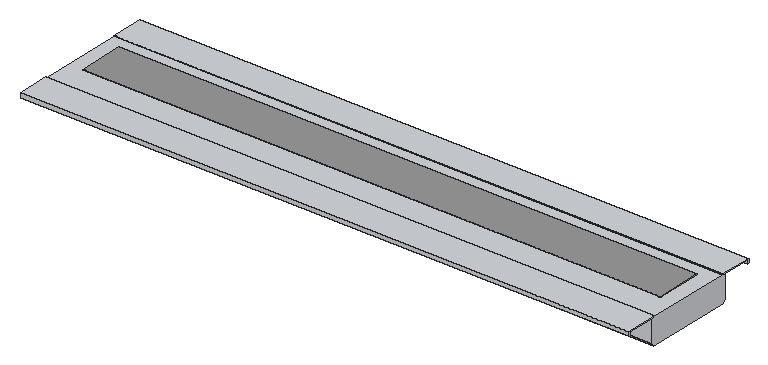
Revit family "2021684 Sylvania Lighting Fixture OPTIX R 1200 ASYMMETRIC 3K SSC WHITE", category Lighting Fixtures, host Face, Revit 2018
Family settings
  Host = Face
  Round Connector Dimension = Use Diameter
  Part Type = Normal
  OmniClass Number = 23.80.70.00
  OmniClass Title = Lighting
  Cut with Voids When Loaded = No
  Light Source = Yes
  Shared = No
  Room Calculation Point = No
Parameters (values of type "2021684 OPTIX R 1200 ASYM 3K SSC WHT")
  spacer height = 8 mm
  spacer centres = 1000 mm
  Width = 293 mm
  Weight = "n/a"
  Wattage Comments = ""
  Wattage = 9.2903 W
  WarrantyStartDate [instance] = "n/a"
  WarrantyGuarantorParts = "n/a"
  WarrantyDurationUnit = "n/a"
  WarrantyDurationParts = ""
  WarrantyDescription = "http://www.sylvania-lighting.com"
  built-in parameter 1150110 = 1 (stored number, unit not read)
  Voltage = 0 V
  URL = "1"
  TypeName = "OPTIX R 1200 ASYMMETRIC 3K SSC WHITE"
  Type Image = <None>
  Type Comments = "n/a"
  built-in parameter 1114217 = 1 (stored number, unit not read)
  Tilt Angle = 90.00°
  built-in parameter 1150109 = 1 (stored number, unit not read)
  built-in parameter 1150134 = 3
  built-in parameter 1150113 = 1 (stored number, unit not read)
  SerialNumber [instance] = "n/a"
  Photometric Web File = "2021684.ies"
  Material_3_FEILO = none
  PowerFactor = 0
  PowerConsumption = "Lighting"
  NominalLength = 293 mm
  NominalHeight = 0 mm
  NominalDepth = 0 mm
  Name = "OPTIX R 1200 ASYMMETRIC 3K SSC WHITE"
  ModelReference = Name  # "OPTIX R 1200 ASYMMETRIC 3K SSC WHITE"
  ModelNumber = "2021684"
  Model = Name  # "OPTIX R 1200 ASYMMETRIC 3K SSC WHITE"
  Material = "Feilo Sylvania"
  ManufacturerName = "109 lm/W"
  Manufacturer = ""
  LuminousEfficacy = ""
  built-in parameter 1150105 = 109.82 (stored number, unit not read)
  Lumens = 1380 lm
  LuminaireType = "0"
  built-in parameter 1150115 = 1 (stored number, unit not read)
  LightOutputRatio = "LED"
  built-in parameter 1150137 = (empty or 0)
  built-in parameter 1150139 = (empty or 0)
  Length = 1196 mm
  LampsType = Lamp  # "n/a"
  LampNominalLuminous = "3000 K"
  LampMacAdamStep = "80"
  LampColourTemperature = "LED"
  LampColourRenderingIndex = "16500"
  built-in parameter 1150112 = 1 (stored number, unit not read)
  built-in parameter 1150114 = 1 (stored number, unit not read)
  Lamp = "n/a"
  Keynote = "n/a"
  InstallationDate [instance] = "n/a"
  InputVoltage = "0"
  InputNominalFrequency = "3000"
  built-in parameter 1150132 = (empty or 0)
  built-in parameter 1150102 = (empty or 0)
  built-in parameter 1150107 = 3200 (stored number, unit not read)
  built-in parameter 1150138 = (empty or 0)
  IngressProtection = "IfcLightFixtureType"
  ImpactProtectionIndex = "IfcLightFixtureType"
  built-in parameter 1150106 = 1.0982 (stored number, unit not read)
  IfcExportType = "IfcLightFixtureType"
  IfcExportAs = "Class I"
  Height = 52 mm
  ExpectedLife = 50000
  Emit from Circle Diameter = 609.6 mm
  Emit Shape Visible in Rendering = no
  ElectricShockClassification = "109"
  built-in parameter 1150104 = 13.8 (stored number, unit not read)
  DurationUnit = "hours"
  DocumentationLiterature = "http://www.sylvania-lighting.com/product/en-int/products/2021684"
  DimmingControlOptions = "n/a"
  Material_2_FEILO = none
  Dimming Lamp Color Temperature Shift = <None>
  Description = "Recessed LED Linear luminaire with Asymmetric Aluminium Reflector, Asymmetric Light Distribution, Luminaire Dimensions: 1196x293x52mm, Sylvania White body colour, IP20, IK07, SylSmart Standalone Office controlled, Low LED flicker (+/-5%), Warm White (3000K) LED Colour Temperature, 3380lm, 31W, 109lm/W efficacy, CRI>80, 3 SDCM (3-step MacAdam ellipse) LED Colour Consistency, Lumen Maintenance: L90B50 at 60,000 hours."
  Default Elevation = 1219.2 mm
  CreatedOn = "24/03/2021"
  CreatedBy = "@sylvania-lighting.com"
  Cost = 0
  Color Filter = 16777215
  built-in parameter 1114216 [instance] = (empty or 0)
  ClassificationValue = "EF_70_80"
  ClassificationName = "Uniclass2015"
  Material_1_FEILO = none
  BarCode [instance] = "n/a"
  built-in parameter 1114218 = 1 (stored number, unit not read)
  built-in parameter 1150133 = 10 (stored number, unit not read)
  AssetType = "Fixed"
  AssetIdentifier [instance] = "n/a"
  Assembly Code = "D5020200"
  Apparent Load = 31 VA
  Material_4_FEILO = none
Reference planes
  plane 1 "Center (Front/Back)": y = 0
  plane 2: z = 0
  plane 3 "Center (Left/Right)": x = 0
  plane 4: z = 0
  plane 5: z = -52
  plane 6: y = 146.5
  plane 7: y = -146.5
  plane 8: x = -598
  plane 9: x = 598
  plane 10: z = -8
  plane 11: y = 145.5
  plane 12: z = -1
  plane 13: y = -145.5
  plane 14: z = -1
  plane 15: y = 89.5
  plane 16: y = -89.5
  plane 17: y = 84.5
  plane 18: z = -47
  plane 19: z = -47
  plane 20: y = -84.5
  plane 21: x = 568
  plane 22: x = -568
  plane 23: y = -31.5
  plane 24: y = 58.5
Forms (mm)
  Extrusion 1, solid, material <- "Material_1_FEILO", detail levels medium+fine
    sketch origin (319, 1524, 1219.2) x (0, 1, 0) y (0, 0, 1)
      loop
        line (-1377.5, -1227.2) -> (-1377.5, -1219.2) -> (-1440.5, -1219.2) -> (-1440.5, -1220.2) -> (-1378.5, -1220.2) -> (-1378.5, -1227.2) -> (-1377.5, -1227.2)
    from -917 to 279
  Extrusion 2, solid, material <- "Material_1_FEILO", detail levels medium+fine
    sketch origin (0, 0, 0) x (0, 1, 0) y (0, 0, 1)
      loop
        line (-145.5, -8) -> (-145.5, -1) -> (-83.5, -1) -> (-83.5, 0) -> (-146.5, 0) -> (-146.5, -8) -> (-145.5, -8)
    from -598 to 598
  Extrusion 3, solid, material <- "Material_1_FEILO", detail levels medium+fine
    sketch origin (319, 1524, 1219.2) x (0, 1, 0) y (0, 0, 1)
      loop
        line (-1434.5, -1220.2) -> (-1613.5, -1220.2) -> (-1613.5, -1266.2) -> (-1608.5, -1271.2) -> (-1439.5, -1271.2) -> (-1434.5, -1266.2) -> (-1434.5, -1220.2)
    from -917 to 279
  Extrusion 4, solid, material "Glass, White, High Luminance", detail levels fine
    sketch origin (4.2, 0, 0) x (1, 0, 0) y (0, 1, 0)
      loop
        line (-572.2, 58.5) -> (-572.2, -31.5) -> (563.8, -31.5) -> (563.8, 58.5) -> (-572.2, 58.5)
    from 0 to 1
  Extrusion 5, void
    sketch origin (-984.261, -52.317, -52) x (1, 0, 0) y (0, 1, 0)
      loop
        line (386.261, 198.817) -> (386.261, -94.183) -> (1582.261, -94.183) -> (1582.261, 198.817) -> (386.261, 198.817)
    from -337.369 to 583.514
  Extrusion 6, solid, detail levels coarse
    sketch origin (0, 1219.2, 38) x (1, 0, 0) y (0, 1, 0)
      loop
        line (-598, -1072.7) -> (-598, -1365.7) -> (598, -1365.7) -> (598, -1072.7) -> (-598, -1072.7)
    from -37 to -90
Dimensions and locks
  "Width": plane 6 to plane 7
  equal spacing: plane 6, plane 1 "Center (Front/Back)", plane 7
  "Length": plane 8 to plane 9
  equal spacing: plane 8, plane 3 "Center (Left/Right)", plane 9
  "spacer height": host face to plane 10
  "Height": level to plane 5
  plane 3 "Center (Left/Right)" to Extrusion 1 = 598 mm
  aligned and locked: plane 2 to host face
  aligned and locked: level to host face
Automatic sketch dimensions
  host sketch curve to host sketch curve = 2438.4 mm
  host sketch curve to host sketch curve = 2429.7 mm
  Extrusion 1 sketch curve to plane 10 = 0 mm
  Extrusion 1 sketch curve to plane 11 = 0 mm
  Extrusion 1 sketch curve to plane 6 = 0 mm
  Extrusion 1 sketch curve to plane 12 = 0 mm
  Extrusion 1 sketch curve to level = 0 mm
  Extrusion 2 sketch curve to plane 7 = 0 mm
  Extrusion 2 sketch curve to plane 13 = 0 mm
  Extrusion 2 sketch curve to plane 12 = 0 mm
  Extrusion 2 sketch curve to plane 10 = 0 mm
  Extrusion 2 sketch curve to level = 0 mm
  Extrusion 2 sketch curve to plane 16 = 6 mm
  plane 15 to Extrusion 1 sketch curve = 6 mm
  Extrusion 3 sketch curve to plane 12 = 0 mm
  Extrusion 3 sketch curve to plane 16 = 0 mm
  Extrusion 3 sketch curve to plane 5 = 0 mm
  Extrusion 3 sketch curve to plane 20 = 0 mm
  Extrusion 3 sketch curve to plane 17 = 0 mm
  Extrusion 3 sketch curve to plane 15 = 0 mm
  Extrusion 3 sketch curve to plane 18 = 0 mm  (x2)
  Extrusion 4 sketch curve to plane 22 = 0 mm
  Extrusion 4 sketch curve to plane 21 = 0 mm
  Extrusion 4 sketch curve to plane 23 = 0 mm
  plane 24 to Extrusion 4 sketch curve = 0 mm
  Extrusion 5 sketch curve to Extrusion 5 sketch curve = 1196 mm
  Extrusion 5 sketch curve to plane 6 = 293 mm
  Extrusion 5 sketch curve to plane 9 = 1196 mm
  Extrusion 5 sketch curve to Extrusion 5 sketch curve = 293 mm
  Extrusion 6 sketch curve to plane 7 = 0 mm
  Extrusion 6 sketch curve to plane 8 = 0 mm
  Extrusion 6 sketch curve to plane 9 = 0 mm
  Extrusion 6 sketch curve to plane 11 = 1 mm
Connectors
  electrical at (0, 0, -52)
    settings: on Extrusion 3, index 1, voltage 0 V, apparent load 0 VA, apparent load phase1 0 VA, apparent load phase2 0 VA, apparent load phase3 0 VA, power factor 1, load classification "Other", number of poles 1, system type 31, power factor state 1, is connector primary yes, connector utility no, sub classification motor no, connector description ""
